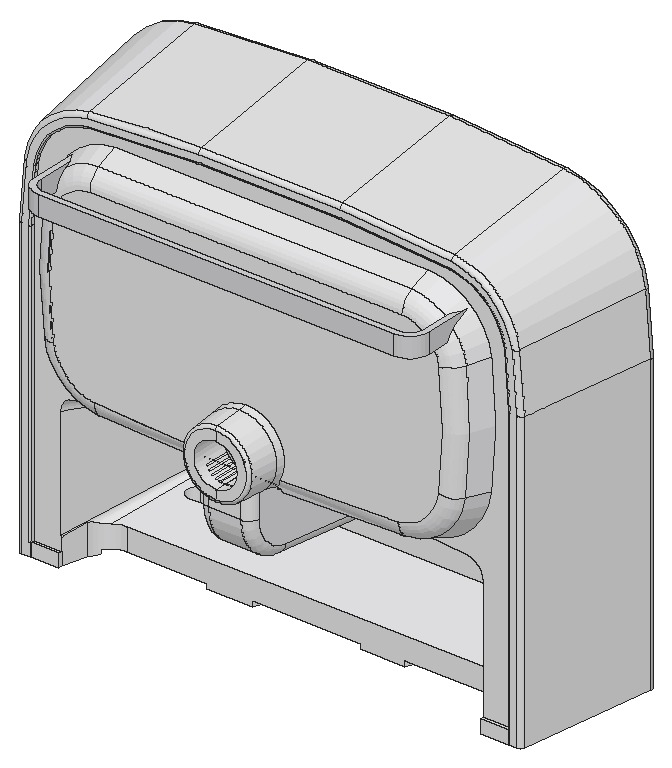
Revit family "Sink-Wall_Mount-Lavatory-KOHLER-MODERN_LIFE-K-77769K_1", category Plumbing Fixtures, host Face, Revit 2017
Family settings
  Host = Face
  Round Connector Dimension = Use Diameter
  Part Type = Normal
  OmniClass Number = 23.31.13.00
  OmniClass Title = Sinks
  Cut with Voids When Loaded = No
  Shared = No
  Room Calculation Point = No
Parameters (values of type "No Faucet Hole,0-White")
  _8 = or(Type = 3)  # no
  _1 = or(Type = 2)  # no
  _0 = or(Type = 1)  # yes
  Width = 21 87/128"  # constant formula
  WaterSense Certified = 1 = 0  # no
  Waste Water Outlet = "Waste Water Outlet"  # constant formula
  Waste Connection = 1 = 1  # yes
  Vent Connection = 1 = 0  # no
  URL = "https://www.kohlerasiapacific.com/"
  Type = 1
  Towel Bar Included = 1 = 1  # yes
  Product Page URL = "https://www.kohlerasiapacific.com/productDetails/77769K?skuid=77769K-0"
  Product Name = "MODERN_LIFE"  # constant formula
  Product Documentation Link = ""
  Model = if(Type = 1, "K-77769K-0", if(Type = 2, "K-77769K-1-0", if(Type = 3, "K-77769K-8-0", "NA")))  # "K-77769K-0"
  Material = "Vitreous China"  # constant formula
  Master Format 2014 Name = "Residential Lavatories and Sinks"  # constant formula
  Master Format 2014 = "22 41 16"  # constant formula
  Manufacturer Address = "No. 158 Jiang Chang San Road, Zhabei District, Shanghai, China"  # constant formula
  Manufacturer = "KOHLER Co."  # constant formula
  Length = 17 187/256"  # constant formula
  Hot Water Inlet = "Hot Water Inlet"  # constant formula
  Height = 8 99/256"  # constant formula
  HW Connection = 1 = 0  # no
  Finish = Kohler-Vitreous_China-0-White
  Environmental Product Declaration = ""
  Drain Included = 1 = 0  # no
  Description = if(Type = 1, "Wall-hung Lavatory with Towel Bar", if(Type = 2, "Wall-hung Lavatory with Towel Bar with single faucet hole", "Wall-hung Lavatory with Towel Bar 8” widespread faucet holes"))  # "Wall-hung Lavatory with Towel Bar"
  Default Elevation = 36"
  Declare Label = ""
  Date Modified = "07/22/2021"  # constant formula
  Date Created = "07/22/2021"  # constant formula
  Copyright = "Copyright KOHLER Co."  # constant formula
  Contact Us = "https://www.kohlerasiapacific.com/contact-us"
  Cold Water Inlet = "Cold Water Inlet"  # constant formula
  CW Connection = 1 = 0  # no
  Assembly Code = "D2010400"
  ADA Compliant = 1 = 0  # no
Reference planes (in)
  plane 1 "Center (Front/Back)": y = 0
  plane 2: z = 0
  plane 3 "Center (Left/Right)": x = 0
  plane 4: y = 8.38672
  plane 5: y = 2.67672
  plane 6: x = 10.84
  plane 7: x = 10
  plane 8: x = 4
  plane 9: x = -4
  plane 10: x = -10
  plane 11: x = -10.83969
  plane 12: z = 17.73047
  plane 13: z = 2.5
  plane 14: z = 7.80263
  plane 15: z = 11.79
  plane 16: y = 1.48213
  plane 17: z = 17.15592
  plane 18: z = 4.67679
Dimensions and locks (in)
  "Width": plane 11 to plane 6
  "Height": plane 1 "Center (Front/Back)" to plane 4
  plane 4 to plane 5 = 5.71"
  plane 10 to plane 7 = 20"
  plane 9 to plane 8 = 8"
  level to plane 13 = 2 1/2"
  "Length": level to plane 12
  plane 12 to level = 17 187/256"
  aligned and locked: plane 2 to host face
  aligned and locked: level to host face
Automatic sketch dimensions
  host sketch curve to host sketch curve = 96"  (x2)
Nested families (in)
  nested 1: "K-77769K" at (0, 0, 0), type "K-77769K"
Connectors (in)
  piping at (0, 1.46526, 7.80263), diameter 1.5, driven by "Waste Connection", driven by "Waste Water Outlet"
    settings: on nested 1, index 1, connector inside diameter 24", connector length 0", flow factor 0, pipe flow 0 GPM, pressure drop 0.00 psi, fitting loss kfactor 0, connector angle 0.00°, fixture units 0, engagement length 0", angle of deflection 0.00°, flow configuration 0, flow direction 2, fitting loss method 0, system type 16, joint type 0, gender type 0, connector reference index -1, connector utility 1, adjustable connector no, is connector primary yes, connector description "Waste Water Outlet"
Definition of nested family "K-77769K"
  Parameters (values of type "K-77769K")
    Single Faucet hole = no
    No Faucet hole = no
    Material = none
    Faucet Hole Spacing = 8"
    B = if(or(Single Faucet hole, No Faucet hole), 7.8", 2 1/2")  # 2 1/2"
    A = if(No Faucet hole, 7.8", 2 1/2")  # 2 1/2"
    8" faucet hole = yes
  Reference planes (in)
    plane 1 "Center (Front/Back)": y = 0
    plane 2: z = 0
    plane 3 "Center (Left/Right)": x = 0
    plane 4: y = 8.38781
    plane 5: y = 2.67781
    plane 6: x = -10
    plane 7: x = 10
    plane 8: x = -10.84
    plane 9: x = 10.84
    plane 10: z = 17.73
    plane 11: z = 11.79
    plane 12: z = 2.5
    plane 13: x = -4
    plane 14: x = 4
    plane 15: z = 2.5
    plane 16: z = 2.5
    plane 17: z = 7.80263
    plane 18: y = 1.48213
  Forms (in)
    Sweep 1, solid, material <- "Material", detail levels medium+fine
      path origin (0, 0, 0) x (1, 0, 0) y (0, 0, 1)
        loop
          line (10.84, 0) -> (10.84, 11.8447)
          arc (10.84, 11.8447) -> (10.79299, 13.06168) -> (10.65223, 14.27139) r 15.77521
          arc (10.65223, 14.27139) -> (9.54456, 16.39907) -> (7.37398, 17.42013) r 3.75
          arc (7.37398, 17.42013) -> (5.10822, 17.62238) -> (2.83517, 17.71061) r 45.28984
          arc (2.83517, 17.71061) -> (0, 17.73) -> (-2.83517, 17.71061) r 207.26772
          arc (-2.83517, 17.71061) -> (-5.10822, 17.62238) -> (-7.37398, 17.42013) r 45.28984
          arc (-7.37398, 17.42013) -> (-9.54456, 16.39907) -> (-10.65223, 14.27139) r 3.75
          arc (-10.65223, 14.27139) -> (-10.79299, 13.06168) -> (-10.84, 11.8447) r 15.77521
          line (-10.84, 11.8447) -> (-10.84, 0)
      profile origin (0, 0, 17.73) x (0, 0, -1) y (0, -1, 0)
        loop
          line (1.3045, -8.38781) -> (1.3045, -2.67781) -> (0.9743, -2.67781)
          arc (0.9743, -2.67781) -> (0.85354, -2.71931) -> (0.7838, -2.82627) r 0.19645
          arc (0.7838, -2.82627) -> (0.25777, -5.46809) -> (-0.00053, -8.14936) r 26.81146
          arc (-0.00053, -8.14936) -> (0.06237, -8.3173) -> (0.22725, -8.38781) r 0.22802
          line (0.22725, -8.38781) -> (1.3045, -8.38781)
    Sweep 2, solid, material <- "Material", detail levels medium+fine
      path origin (0, 0, 0) x (1, 0, 0) y (0, 0, 1)
        loop
          arc (6.30461, 16.89221) -> (0, 17.01742) -> (-6.30461, 16.89221) r 158.79282
          arc (-6.30461, 16.89221) -> (-8.67936, 15.91893) -> (-9.87207, 13.64646) r 3.75
          arc (-9.87207, 13.64646) -> (-10.04126, 11.07146) -> (-9.85737, 8.49748) r 18.86015
          arc (-9.85737, 8.49748) -> (-8.64076, 6.14475) -> (-6.22083, 5.06798) r 4
          arc (-6.22083, 5.06798) -> (0, 4.81529) -> (6.22083, 5.06798) r 76.69718
          arc (6.22083, 5.06798) -> (8.64076, 6.14475) -> (9.85737, 8.49748) r 4
          arc (9.85737, 8.49748) -> (10.04126, 11.07146) -> (9.87207, 13.64646) r 18.86015
          arc (9.87207, 13.64646) -> (8.67936, 15.91893) -> (6.30461, 16.89221) r 3.75
      profile origin (0, 0, 17.01742) x (0, 0, -1) y (0, -1, 0)
        loop
          arc (0.02976, -8.13302) -> (0.4757, -6.33792) -> (0.97693, -4.55746) r 59.8064
          arc (0.97693, -4.55746) -> (1.391, -3.22616) -> (1.83599, -1.90488) r 59.8064
          arc (1.83599, -1.90488) -> (1.93418, -1.77438) -> (2.08978, -1.72479) r 0.26887
          line (2.08978, -1.72479) -> (2.49711, -1.72479) -> (2.49711, -1.51831) -> (2.19233, -1.51831)
          arc (2.19233, -1.51831) -> (1.765, -1.64455) -> (1.47487, -1.98273) r 0.78641
          arc (1.47487, -1.98273) -> (0.91255, -3.33799) -> (0.42851, -4.72314) r 25.69521
          arc (0.42851, -4.72314) -> (0.21877, -5.46837) -> (0.05905, -6.22589) r 11.63426
          line (0.05905, -6.22589) -> (-0.32211, -8.38781) -> (-0.29094, -8.38781)
          arc (-0.29094, -8.38781) -> (-0.08614, -8.31636) -> (0.02976, -8.13302) r 0.32921
    Blend 3, void
      base sketch origin (0, 0, 0) x (1, 0, 0) y (0, 0, 1)
        loop
          arc (-7.0787, 1.92983) -> (-7.01392, 1.77344) -> (-6.85753, 1.70866) r 0.22117
          line (-6.85753, 1.70866) -> (6.82857, 1.70866)
          arc (6.82857, 1.70866) -> (7.00535, 1.78189) -> (7.07857, 1.95866) r 0.25
          line (7.07857, 1.95866) -> (7.07857, 4.52546)
          arc (7.07857, 4.52546) -> (6.96155, 4.79034) -> (6.68693, 4.8822) r 0.35829
          arc (6.68693, 4.8822) -> (-0.01019, 4.57083) -> (-6.70711, 4.88633) r 71.70281
          arc (-6.70711, 4.88633) -> (-6.96765, 4.79932) -> (-7.0787, 4.54807) r 0.33975
          line (-7.0787, 4.54807) -> (-7.0787, 1.92983)
      top sketch origin (0, 0, 0) x (1, 0, 0) y (0, 0, 1)
        loop
          line (8.72892, 1.31689) -> (8.72892, 5.501)
          arc (8.72892, 5.501) -> (8.50363, 6.09031) -> (7.94266, 6.37903) r 0.88338
          arc (7.94266, 6.37903) -> (-0.12317, 6.82458) -> (-8.18919, 6.38231) r 73.50065
          arc (-8.18919, 6.38231) -> (-8.57455, 6.18412) -> (-8.72933, 5.77937) r 0.60658
          line (-8.72933, 5.77937) -> (-8.72933, 0.94602)
          arc (-8.72933, 0.94602) -> (-8.61828, 0.67793) -> (-8.3502, 0.56689) r 0.37913
          line (-8.3502, 0.56689) -> (7.97892, 0.56689)
          arc (7.97892, 0.56689) -> (8.50926, 0.78656) -> (8.72892, 1.31689) r 0.75
      from -7.83617 to -1.70439
    Extrusion 4, solid, material <- "Material", detail levels medium+fine
      sketch origin (0, 0, 0) x (1, 0, 0) y (0, 0, 1)
        loop
          line (-9.5355, 0) -> (9.5355, 0) -> (9.5355, 11.8447)
          arc (9.5355, 11.8447) -> (9.49238, 12.96104) -> (9.36327, 14.07072) r 14.47071
          arc (9.36327, 14.07072) -> (8.64091, 15.45826) -> (7.2254, 16.12412) r 2.4455
          arc (7.2254, 16.12412) -> (5.02491, 16.32055) -> (2.81732, 16.40624) r 43.98534
          arc (2.81732, 16.40624) -> (0, 16.4255) -> (-2.81732, 16.40624) r 205.96322
          arc (-2.81732, 16.40624) -> (-5.02491, 16.32055) -> (-7.2254, 16.12412) r 43.98534
          arc (-7.2254, 16.12412) -> (-8.64091, 15.45826) -> (-9.36327, 14.07072) r 2.4455
          arc (-9.36327, 14.07072) -> (-9.49238, 12.96104) -> (-9.5355, 11.8447) r 14.47071
          line (-9.5355, 11.8447) -> (-9.5355, 0)
      from -8.38781 to -2.82582
    Extrusion 5, void
      sketch origin (0, 0, 0) x (1, 0, 0) y (0, 0, 1)
        loop
          arc (-7.44825, 14.06619) -> (-7.5302, 14.01591) -> (-7.57244, 13.92953) r 0.17227
          arc (-7.57244, 13.92953) -> (-7.81191, 11.40098) -> (-7.65767, 8.8658) r 16.38303
          arc (-7.65767, 8.8658) -> (-7.1969, 7.97049) -> (-6.27815, 7.55841) r 1.52289
          arc (-6.27815, 7.55841) -> (0, 7.2924) -> (6.27815, 7.55841) r 74.22007
          arc (6.27815, 7.55841) -> (7.1969, 7.97049) -> (7.65767, 8.8658) r 1.52289
          arc (7.65767, 8.8658) -> (7.81191, 11.40098) -> (7.57244, 13.92953) r 16.38303
          arc (7.57244, 13.92953) -> (7.5302, 14.01591) -> (7.44825, 14.06619) r 0.17227
          arc (7.44825, 14.06619) -> (6.12422, 14.34597) -> (4.77641, 14.46731) r 11.43091
          arc (4.77641, 14.46731) -> (0, 14.5403) -> (-4.77641, 14.46731) r 156.31571
          arc (-4.77641, 14.46731) -> (-6.12422, 14.34597) -> (-7.44825, 14.06619) r 11.43091
      from -11.3278 to 0.58701
    Extrusion 6, void
      sketch origin (0, 0, 0) x (1, 0, 0) y (0, 1, 0)
        loop
          arc (-7.19503, 4.52965) -> (-7.80335, 4.32336) -> (-8.16069, 3.78958) r 1
          line (-8.16069, 3.78958) -> (-8.75086, 1.59719) -> (8.74606, 1.59719) -> (8.15611, 3.78912)
          arc (8.15611, 3.78912) -> (7.7988, 4.32291) -> (7.1905, 4.52923) r 1
          line (7.1905, 4.52923) -> (-7.19503, 4.52965)
      from -1.80462 to 2.31581
    Extrusion 7, void
      sketch origin (0, 0, 0) x (1, 0, 0) y (0, 1, 0)
        loop
          line (-7.11066, 7.31158) -> (-8.205, 4.20123) -> (-3.84836, 4.20123) -> (-5.03459, 7.31723)
          arc (-5.03459, 7.31723) -> (-5.09572, 7.3951) -> (-5.19025, 7.42453) r 0.16655
          line (-5.19025, 7.42453) -> (-6.95112, 7.42458)
          arc (-6.95112, 7.42458) -> (-7.04887, 7.39347) -> (-7.11066, 7.31158) r 0.16913
        loop
          arc (1.09169, 7.33678) -> (1.01298, 7.43704) -> (0.89127, 7.47492) r 0.21447
          line (0.89127, 7.47492) -> (-0.88851, 7.47498)
          arc (-0.88851, 7.47498) -> (-1.01261, 7.43636) -> (-1.09287, 7.33414) r 0.21867
          line (-1.09287, 7.33414) -> (-2.28611, 4.20123) -> (2.28573, 4.20123) -> (1.09169, 7.33678)
        loop
          line (4.99416, 7.35326) -> (3.794, 4.20123) -> (8.25811, 4.20123) -> (7.15704, 7.3313)
          arc (7.15704, 7.3313) -> (7.07861, 7.43525) -> (6.95452, 7.47475) r 0.21469
          line (6.95452, 7.47475) -> (5.17049, 7.4748)
          arc (5.17049, 7.4748) -> (5.06341, 7.44147) -> (4.99416, 7.35326) r 0.18867
      from 0.19684 to -0.38206
    Extrusion 8, void
      sketch origin (0, 0, 0) x (1, 0, 0) y (0, 1, 0)
        loop
          line (6.40093, 7.20166) -> (5.80599, 7.20168)
          arc (5.80599, 7.20168) -> (5.50548, 6.90119) -> (5.80597, 6.60068) r 0.3005
          line (5.80597, 6.60068) -> (6.40091, 6.60066)
          arc (6.40091, 6.60066) -> (6.70142, 6.90115) -> (6.40093, 7.20166) r 0.3005
        loop
          line (-5.81134, 7.20202) -> (-6.39315, 7.20203)
          arc (-6.39315, 7.20203) -> (-6.69366, 6.90154) -> (-6.39316, 6.60103) r 0.3005
          line (-6.39316, 6.60103) -> (-5.81136, 6.60102)
          arc (-5.81136, 6.60102) -> (-5.51085, 6.90151) -> (-5.81134, 7.20202) r 0.3005
      from 1.91771 to -1.24246
    Sweep 9, void
      path origin (0, 0, 0) x (1, 0, 0) y (0, 0, 1)
        loop
          line (9.5355, 0.52773) -> (9.5355, 11.8447)
          arc (9.5355, 11.8447) -> (9.49238, 12.96104) -> (9.36327, 14.07072) r 14.47071
          arc (9.36327, 14.07072) -> (8.64091, 15.45826) -> (7.2254, 16.12412) r 2.4455
          arc (7.2254, 16.12412) -> (5.02491, 16.32055) -> (2.81732, 16.40624) r 43.98534
          arc (2.81732, 16.40624) -> (0, 16.4255) -> (-2.81732, 16.40624) r 205.96322
          arc (-2.81732, 16.40624) -> (-5.02491, 16.32055) -> (-7.2254, 16.12412) r 43.98534
          arc (-7.2254, 16.12412) -> (-8.64091, 15.45826) -> (-9.36327, 14.07072) r 2.4455
          arc (-9.36327, 14.07072) -> (-9.49238, 12.96104) -> (-9.5355, 11.8447) r 14.47071
          line (-9.5355, 11.8447) -> (-9.5355, 0.52773)
      profile origin (9.5355, 0, 6.18622) x (0, -1, 0) y (1, 0, 0)
        loop
          line (-2.82582, 0) -> (-2.82582, -0.09682) -> (-2.6323, -0.09682) -> (-2.6323, 0.12743) -> (-2.67781, 0.12743) -> (-2.67781, 0.0499)
          arc (-2.67781, 0.0499) -> (-2.69243, 0.01462) -> (-2.72772, 0) r 0.0499
          line (-2.72772, 0) -> (-2.82582, 0)
    Revolve 10, solid, material <- "Material", detail levels medium+fine
      sketch origin (0, 0, 0) x (0, 1, 0) y (0, 0, 1)
        loop
          arc (0, 6.56956) -> (0.03214, 6.48691) -> (0.11168, 6.44769) r 0.12234
          line (0.11168, 6.44769) -> (1.20317, 6.35219)
          arc (1.20317, 6.35219) -> (1.46624, 6.31402) -> (1.72329, 6.24626) r 2.34016
          line (1.72329, 6.24626) -> (1.72329, 7.80263) -> (0, 7.80263) -> (0, 6.56956)
        axis (1.72329, 7.80263) -> (0, 7.80263)
      angle from 0 to 360
    Extrusion 11, solid, material <- "Material", detail levels medium+fine
      sketch origin (0, 0, 0) x (1, 0, 0) y (0, 0, 1)
        loop
          line (9.5355, 0.52773) -> (8.41538, 0.52773) -> (8.41538, 0) -> (9.5355, 0) -> (9.5355, 0.52773)
        loop
          line (-9.5355, 0.52773) -> (-9.5355, 0) -> (-8.42012, 0) -> (-8.42012, 0.52773) -> (-9.5355, 0.52773)
      from -2.67781 to -2.82582
    Sweep 12, solid, material <- "Material", detail levels medium+fine
      path origin (0, 0, 0) x (0, 1, 0) y (0, 0, 1)
        loop
          line (0.43635, 7.3928) -> (0.43635, 5.8928)
          arc (0.43635, 5.8928) -> (0.91461, 4.63045) -> (2.10926, 4.00191) r 1.90508
          line (2.10926, 4.00191) -> (7.67159, 3.31895)
      profile origin (0, 0.43635, 6.6428) x (0, -1, 0) y (1, 0, 0)
        loop
          arc (-0.42113, -1.05695) -> (-0.12335, -0.9336) -> (0, -0.63582) r 0.42113
          line (0, -0.63582) -> (0, 0.63663)
          arc (0, 0.63663) -> (-0.12311, 0.93384) -> (-0.42032, 1.05695) r 0.42032
          line (-0.42032, 1.05695) -> (-1.28695, 1.05695) -> (-1.28695, -1.05695) -> (-0.42113, -1.05695)
    Revolve 13, void
      sketch origin (0, 0, 0) x (0, 1, 0) y (0, 0, 1)
        loop
          line (2.60577, 8.6645) -> (-0.27671, 8.6645) -> (-0.27671, 7.80263) -> (2.60577, 7.80263) -> (2.60577, 8.6645)
        axis (2.60577, 7.80263) -> (-0.27671, 7.80263)
      angle from 0 to 360
    Revolve 14, solid, detail levels medium+fine
      sketch origin (0, 0, 0) x (0, 1, 0) y (0, 0, 1)
        loop
          arc (2.03426, 8.91592) -> (1.98933, 8.93671) -> (1.96885, 8.89164) r 0.03489
          arc (1.96885, 8.89164) -> (1.99568, 8.81834) -> (2.02083, 8.74444) r 3.40462
          arc (2.02083, 8.74444) -> (1.99037, 8.5499) -> (1.81498, 8.4604) r 0.21661
          line (1.81498, 8.4604) -> (1.73706, 8.4604) -> (1.73706, 8.66153) -> (1.67786, 8.66153) -> (1.67786, 8.5854) -> (1.51251, 8.5854) -> (1.51251, 8.66153) -> (1.46526, 8.66153) -> (1.46526, 8.41283) -> (2.10674, 8.41283)
          arc (2.10674, 8.41283) -> (2.1293, 8.40459) -> (2.14123, 8.38374) r 0.03499
          arc (2.14123, 8.38374) -> (2.16556, 8.21668) -> (2.18158, 8.04861) r 3.40462
          arc (2.18158, 8.04861) -> (2.17186, 8.02112) -> (2.14512, 8.00949) r 0.03655
          line (2.14512, 8.00949) -> (1.46526, 8.00949) -> (1.46526, 7.95986) -> (2.13184, 7.95986) -> (2.19411, 7.80263) -> (2.25001, 7.80263)
          arc (2.25001, 7.80263) -> (2.18591, 8.36776) -> (2.03426, 8.91592) r 3.62741
        axis (1.46526, 7.80263) -> (2.25001, 7.80263)
      angle from 0 to 360
    Extrusion 15, solid
      sketch origin (0, 0, 0) x (1, 0, 0) y (0, 1, 0)
        loop
          arc (-7.08656, 0.25459) -> (-7.4754, 0.41561) -> (-7.63656, 0.8044) r 0.55
          line (-7.63656, 0.8044) -> (-7.63717, 2.65656) -> (-7.87396, 2.65648) -> (-7.87335, 0.8045)
          arc (-7.87335, 0.8045) -> (-7.643, 0.24891) -> (-7.08727, 0.01894) r 0.78582
          line (-7.08727, 0.01894) -> (7.08361, 0.0236)
          arc (7.08361, 0.0236) -> (7.64197, 0.25499) -> (7.87335, 0.81334) r 0.79
          line (7.87335, 0.81334) -> (7.87396, 2.66166) -> (7.63717, 2.66166) -> (7.63656, 0.8044)
          arc (7.63656, 0.8044) -> (7.4754, 0.41561) -> (7.08656, 0.25459) r 0.55
          line (7.08656, 0.25459) -> (-7.08656, 0.25459)
      from 14.19077 to 14.97818
    Revolve 16, solid, detail levels medium+fine
      sketch origin (0, 0, 0) x (0, 1, 0) y (0, 0, 1)
        loop
          arc (7.52533, 5.13005) -> (7.54006, 5.13413) -> (7.54759, 5.14743) r 0.01997
          line (7.54759, 5.14743) -> (7.56817, 5.31511)
          arc (7.56817, 5.31511) -> (7.56397, 5.3317) -> (7.54967, 5.34109) r 0.02362
          arc (7.54967, 5.34109) -> (7.21158, 5.40498) -> (6.87084, 5.45267) r 7.21381
          line (6.87084, 5.45267) -> (6.80043, 4.87923) -> (6.94048, 4.86203) -> (6.95442, 4.97561) -> (6.99878, 5.03895) -> (7.01762, 5.19239) -> (7.52533, 5.13005)
        axis (6.87084, 5.45267) -> (6.80043, 4.87923)
      angle from 0 to 360
    Sweep 17, solid, material <- "Material", detail levels medium+fine
      path origin (0, 0, 0) x (1, 0, 0) y (0, 0, 1)
        loop
          line (-0.67731, 3.70381) -> (-2.13049, 3.70381)
          arc (-2.13049, 3.70381) -> (-2.30457, 3.76205) -> (-2.40854, 3.91333) r 0.28925
          line (-2.40854, 3.91333) -> (-2.65553, 4.77468)
      profile origin (-1.4039, 0, 3.70381) x (0, 0, -1) y (0, -1, 0)
        loop
          arc (-0.04197, -6.81777) -> (-0.09987, -6.69218) -> (-0.22832, -6.64094) r 0.1866
          line (-0.22832, -6.64094) -> (-0.2872, -6.64094) -> (-0.2872, -7.83617) -> (0.27414, -7.83617)
          arc (0.27414, -7.83617) -> (0.08583, -7.77558) -> (-0.00106, -7.59786) r 0.25258
          line (-0.00106, -7.59786) -> (-0.04197, -6.81777)
    Extrusion 18, solid, material <- "Material", detail levels medium+fine
      sketch origin (0, 0, 0) x (1, 0, 0) y (0, 0, 1)
        loop
          line (-2.13203, 3.99101) -> (-0.67731, 3.99101) -> (-0.67731, 4.85385) -> (-2.37945, 4.85385) -> (-2.13203, 3.99101)
      from -7.83617 to -6.64096
    Extrusion 19, solid, material <- "Material", detail levels medium+fine
      sketch origin (0, 0, 0) x (0, 1, 0) y (0, 0, 1)
        loop
          line (7.83617, 4.59535) -> (7.83617, 4.79883) -> (1.72329, 6.55167) -> (1.72329, 5.8928)
          arc (1.72329, 5.8928) -> (1.87847, 5.48321) -> (2.2661, 5.27927) r 0.61814
          line (2.2661, 5.27927) -> (7.83617, 4.59535)
      from -1.05695 to 1.05695
    Sweep 20, void
      path origin (0, 0, 0) x (1, 0, 0) y (0, 0, 1)
        loop
          arc (6.30461, 16.89221) -> (0, 17.01742) -> (-6.30461, 16.89221) r 158.79282
          arc (-6.30461, 16.89221) -> (-8.67936, 15.91893) -> (-9.87207, 13.64646) r 3.75
          arc (-9.87207, 13.64646) -> (-10.04126, 11.07146) -> (-9.85737, 8.49748) r 18.86015
          arc (-9.85737, 8.49748) -> (-8.64076, 6.14475) -> (-6.22083, 5.06798) r 4
          arc (-6.22083, 5.06798) -> (0, 4.81529) -> (6.22083, 5.06798) r 76.69718
          arc (6.22083, 5.06798) -> (8.64076, 6.14475) -> (9.85737, 8.49748) r 4
          arc (9.85737, 8.49748) -> (10.04126, 11.07146) -> (9.87207, 13.64646) r 18.86015
          arc (9.87207, 13.64646) -> (8.67936, 15.91893) -> (6.30461, 16.89221) r 3.75
      profile origin (0, 0, 17.01742) x (0, 0, -1) y (0, -1, 0)
        loop
          arc (0.02976, -8.13302) -> (-0.08614, -8.31636) -> (-0.29094, -8.38781) r 0.32921
          line (-0.29094, -8.38781) -> (-0.32211, -8.38781) -> (-0.32211, -8.51657) -> (2.87817, -8.51657) -> (2.87817, -1.66166) -> (1.82551, -1.66166)
          arc (1.82551, -1.66166) -> (1.36165, -2.79194) -> (1.04107, -3.9709) r 9.86368
          arc (1.04107, -3.9709) -> (1.00164, -4.16065) -> (0.9617, -4.35029) r 71.28694
          arc (0.9617, -4.35029) -> (0.76717, -5.20953) -> (0.54919, -6.06313) r 32.18113
          arc (0.54919, -6.06313) -> (0.28024, -7.09576) -> (0.02976, -8.13302) r 59.8064
    Extrusion 21, solid, material <- "Material", detail levels medium+fine
      sketch origin (0, 0, 0) x (1, 0, 0) y (0, 0, 1)
        loop
          arc (6.20547, 14.39707) -> (0, 14.5203) -> (-6.20547, 14.39707) r 156.29571
          arc (-6.20547, 14.39707) -> (-6.99888, 14.07189) -> (-7.39737, 13.31265) r 1.25289
          arc (-7.39737, 13.31265) -> (-7.54416, 11.07859) -> (-7.38462, 8.8454) r 16.36303
          arc (-7.38462, 8.8454) -> (-6.92751, 7.96143) -> (-6.01829, 7.55687) r 1.50289
          arc (-6.01829, 7.55687) -> (0, 7.3124) -> (6.01829, 7.55687) r 74.20007
          arc (6.01829, 7.55687) -> (6.92751, 7.96143) -> (7.38462, 8.8454) r 1.50289
          arc (7.38462, 8.8454) -> (7.54416, 11.07859) -> (7.39737, 13.31265) r 16.36303
          arc (7.39737, 13.31265) -> (6.99888, 14.07189) -> (6.20547, 14.39707) r 1.25289
      from -1.72479 to -1.51831
    Extrusion 22, void
      sketch origin (0, 0, 0) x (1, 0, 0) y (0, 0, 1)
        loop
          circle (0, 2.5) r 0.69
      from -11.40272 to -5.31987
    Extrusion 23, void
      sketch origin (0, 0, 0) x (1, 0, 0) y (0, 0, 1)
        loop
          circle (-4, 2.5) r 0.69124
        loop
          circle (4, 2.5) r 0.69124
      from -11.06861 to -5.67535
    Extrusion 24, solid, material <- "Material", detail levels coarse
      sketch origin (0, 0, 0) x (1, 0, 0) y (0, 0, 1)
        loop
          line (10.84, 0) -> (10.84, 11.8447)
          arc (10.84, 11.8447) -> (10.79299, 13.06168) -> (10.65223, 14.27139) r 15.77521
          arc (10.65223, 14.27139) -> (9.54456, 16.39907) -> (7.37398, 17.42013) r 3.75
          arc (7.37398, 17.42013) -> (5.10822, 17.62238) -> (2.83517, 17.71061) r 45.28984
          arc (2.83517, 17.71061) -> (0, 17.73) -> (-2.83517, 17.71061) r 207.26772
          arc (-2.83517, 17.71061) -> (-5.10822, 17.62238) -> (-7.37398, 17.42013) r 45.28984
          arc (-7.37398, 17.42013) -> (-9.54456, 16.39907) -> (-10.65223, 14.27139) r 3.75
          arc (-10.65223, 14.27139) -> (-10.79299, 13.06168) -> (-10.84, 11.8447) r 15.77521
          line (-10.84, 11.8447) -> (-10.84, 0) -> (10.84, 0)
      from -8.38781 to -2.68523
    Blend 25, void
      base sketch origin (0, 0, 0) x (1, 0, 0) y (0, 0, 1)
        loop
          arc (6.23071, 15.03218) -> (0, 15.15592) -> (-6.23071, 15.03218) r 156.93132
          arc (-6.23071, 15.03218) -> (-7.42663, 14.54204) -> (-8.02728, 13.39762) r 1.8885
          arc (-8.02728, 13.39762) -> (-8.17977, 11.07678) -> (-8.01403, 8.75684) r 16.99865
          arc (-8.01403, 8.75684) -> (-7.3636, 7.49902) -> (-6.06984, 6.92335) r 2.1385
          arc (-6.06984, 6.92335) -> (0, 6.67679) -> (6.06984, 6.92335) r 74.83568
          arc (6.06984, 6.92335) -> (7.3636, 7.49902) -> (8.01403, 8.75684) r 2.1385
          arc (8.01403, 8.75684) -> (8.17977, 11.07678) -> (8.02728, 13.39762) r 16.99865
          arc (8.02728, 13.39762) -> (7.42663, 14.54204) -> (6.23071, 15.03218) r 1.8885
      top sketch origin (0, 0, 0) x (1, 0, 0) y (0, 0, 1)
        loop
          arc (6.31011, 17.0306) -> (0, 17.15592) -> (-6.31011, 17.0306) r 158.93132
          arc (-6.31011, 17.0306) -> (-8.77257, 16.02138) -> (-10.00933, 13.66497) r 3.8885
          arc (-10.00933, 13.66497) -> (-10.17976, 11.07107) -> (-9.99452, 8.47818) r 18.99865
          arc (-9.99452, 8.47818) -> (-8.73578, 6.04399) -> (-6.23206, 4.92994) r 4.1385
          arc (-6.23206, 4.92994) -> (0, 4.67679) -> (6.23206, 4.92994) r 76.83568
          arc (6.23206, 4.92994) -> (8.73578, 6.04399) -> (9.99452, 8.47818) r 4.1385
          arc (9.99452, 8.47818) -> (10.17976, 11.07107) -> (10.00933, 13.66497) r 18.99865
          arc (10.00933, 13.66497) -> (8.77257, 16.02138) -> (6.31011, 17.0306) r 3.8885
      from -2.75918 to -8.52626
    Revolve 26, solid, material <- "Material", detail levels coarse
      sketch origin (0, 0, 0) x (0, 1, 0) y (0, 0, 1)
        loop
          line (0, 7.80263) -> (2.68523, 7.80263) -> (2.68523, 9.35359) -> (0, 9.35359) -> (0, 7.80263)
        axis (2.68523, 7.80263) -> (0, 7.80263)
      angle from 0 to 360
  Cuts and joins
    Revolve 13 cuts Sweep 2
    Revolve 13 cuts Extrusion 21
    joined: Sweep 2, Extrusion 21
    Revolve 13 cuts Revolve 10
    joined: Sweep 17, Extrusion 18
    Revolve 13 cuts Sweep 12
    joined: Sweep 12, Extrusion 19
    Extrusion 6, Sweep 9, Sweep 20, Extrusion 22, Extrusion 23 cuts Sweep 1
    Blend 3, Extrusion 5, Extrusion 6, Extrusion 7, Extrusion 8, Sweep 20, Extrusion 22, Extrusion 23 cuts Extrusion 4
    joined: Sweep 1, Extrusion 4
    Sweep 20 cuts Extrusion 15
    Extrusion 22, Extrusion 23, Blend 25 cuts Extrusion 24
    joined: Extrusion 24, Revolve 26
  Lines and regions (in)
    Masking region 1
      outline origin (0, 0, 0) x (1, 0, 0) y (0, 1, 0)
        loop
          arc (-10.84029, 8.16375) -> (-10.61715, 5.4702) -> (-10.0562, 2.82627) r 21.39419
          arc (-10.0562, 2.82627) -> (-9.98646, 2.71931) -> (-9.8657, 2.67781) r 0.19645
          line (-9.8657, 2.67781) -> (-8.63768, 2.67781)
          arc (-8.63768, 2.67781) -> (-8.28346, 2.2917) -> (-7.87357, 1.96527) r 3.36448
          line (-7.87357, 1.96527) -> (-7.87357, 0.77089)
          arc (-7.87357, 0.77089) -> (-7.6539, 0.24056) -> (-7.12357, 0.02089) r 0.75
          line (-7.12357, 0.02089) -> (-1.30287, 0.02089)
          arc (-1.30287, 0.02089) -> (-1.26793, 0.00526) -> (-1.23002, 0) r 0.13583
          line (-1.23002, 0) -> (1.23002, 0)
          arc (1.23002, 0) -> (1.26793, 0.00526) -> (1.30287, 0.02089) r 0.13583
          line (1.30287, 0.02089) -> (7.12357, 0.02089)
          arc (7.12357, 0.02089) -> (7.6539, 0.24056) -> (7.87357, 0.77089) r 0.75
          line (7.87357, 0.77089) -> (7.87357, 1.96527)
          arc (7.87357, 1.96527) -> (8.28346, 2.2917) -> (8.63768, 2.67781) r 3.36448
          line (8.63768, 2.67781) -> (9.8657, 2.67781)
          arc (9.8657, 2.67781) -> (9.98646, 2.71931) -> (10.0562, 2.82627) r 0.19645
          arc (10.0562, 2.82627) -> (10.61715, 5.4702) -> (10.84029, 8.16375) r 21.39419
          arc (10.84029, 8.16375) -> (10.77746, 8.32192) -> (10.62054, 8.38781) r 0.21979
          line (10.62054, 8.38781) -> (-10.62054, 8.38781)
          arc (-10.62054, 8.38781) -> (-10.77746, 8.32192) -> (-10.84029, 8.16375) r 0.21979
        loop
          arc (-7.63656, 0.80459) -> (-7.4754, 0.41561) -> (-7.08638, 0.25459) r 0.55
          line (-7.08638, 0.25459) -> (-1.36658, 0.25647) -> (-1.44555, 1.15913)
          arc (-1.44555, 1.15913) -> (-1.53264, 1.3365) -> (-1.71644, 1.40908) r 0.27382
          arc (-1.71644, 1.40908) -> (-3.72353, 1.43175) -> (-5.73033, 1.47198) r 229.26487
          arc (-5.73033, 1.47198) -> (-6.69697, 1.57114) -> (-7.63656, 1.81891) r 6.25108
          line (-7.63656, 1.81891) -> (-7.63656, 0.80459)
        loop
          arc (7.15823, 0.25928) -> (7.49997, 0.44183) -> (7.63656, 0.8044) r 0.55
          line (7.63656, 0.8044) -> (7.63689, 1.81903)
          arc (7.63689, 1.81903) -> (6.69714, 1.57118) -> (5.73033, 1.47198) r 6.25108
          arc (5.73033, 1.47198) -> (3.72353, 1.43175) -> (1.71644, 1.40908) r 229.26487
          arc (1.71644, 1.40908) -> (1.53264, 1.3365) -> (1.44555, 1.15913) r 0.27382
          line (1.44555, 1.15913) -> (1.36666, 0.25737) -> (7.15823, 0.25928)
    Masking region 2
      outline origin (0, 0, 0) x (1, 0, 0) y (0, 0, 1)
        loop
          arc (3.155, 17.7046) -> (0.01229, 17.73) -> (-3.13044, 17.7064) r 201.58664
          arc (-3.13044, 17.7064) -> (-5.26645, 17.61896) -> (-7.39553, 17.42654) r 42.85588
          arc (-7.39553, 17.42654) -> (-9.57305, 16.39583) -> (-10.67413, 14.25304) r 3.75
          arc (-10.67413, 14.25304) -> (-10.79905, 13.1296) -> (-10.84077, 12) r 15.31432
          line (-10.84077, 12) -> (-10.84077, 0) -> (10.84077, 0) -> (10.84077, 12)
          arc (10.84077, 12) -> (10.79905, 13.1296) -> (10.67413, 14.25304) r 15.31432
          arc (10.67413, 14.25304) -> (9.57305, 16.39583) -> (7.39553, 17.42654) r 3.75
          arc (7.39553, 17.42654) -> (5.27872, 17.61816) -> (3.155, 17.7046) r 42.85588
    Masking region 3
      outline origin (0, 0, 0) x (0, 1, 0) y (0, 0, 1)
        loop
          arc (8.15295, 17.73055) -> (5.49195, 17.49889) -> (2.8684, 16.99732) r 26.18285
          arc (2.8684, 16.99732) -> (2.73115, 16.90883) -> (2.67781, 16.75448) r 0.25
          line (2.67781, 16.75448) -> (2.67781, 15.83473)
          arc (2.67781, 15.83473) -> (2.3206, 15.68602) -> (1.96529, 15.53282) r 30.72438
          arc (1.96529, 15.53282) -> (1.67515, 15.3101) -> (1.5215, 14.97818) r 0.76533
          line (1.5215, 14.97818) -> (0.01894, 14.97818) -> (0.01894, 14.19077) -> (1.48213, 14.19077) -> (1.48213, 9.28578) -> (0.11116, 9.15838)
          arc (0.11116, 9.15838) -> (0.03196, 9.11892) -> (0, 9.03641) r 0.1225
          line (0, 9.03641) -> (0, 6.57094)
          arc (0, 6.57094) -> (0.03997, 6.47721) -> (0.13528, 6.44118) r 0.12987
          arc (0.13528, 6.44118) -> (0.32896, 6.37537) -> (0.42789, 6.19632) r 0.28341
          arc (0.42789, 6.19632) -> (0.71854, 4.87566) -> (1.79057, 4.05141) r 1.97532
          arc (1.79057, 4.05141) -> (2.22977, 3.96266) -> (2.67781, 3.96894) r 2.10352
          line (2.67781, 3.96894) -> (2.67781, 0) -> (8.38781, 0) -> (8.38781, 17.50395)
          arc (8.38781, 17.50395) -> (8.3185, 17.66713) -> (8.15295, 17.73055) r 0.22674
    symbolic lines, detail levels medium+fine
      curve 1: line (-7.87357, 1.96527, 0) -> (-7.87357, 2.71527, 0)
      curve 2: line (-7.63656, 1.81891, 0) -> (-7.63656, 2.67781, 0)
      curve 3: line (-8.63768, 2.67781, 0) -> (8.63768, 2.67781, 0)
      curve 4: line (7.63689, 1.81903, 0) -> (7.63689, 2.67781, 0)
      curve 5: line (7.8737, 1.86844, 0) -> (7.8737, 2.67781, 0)
      curve 6: arc (-1.71644, 1.40908, 0) -> (0, 1.40314, 0) -> (1.71644, 1.40908, 0) r 248.21492
      curve 7: line (-1.36658, 0.25647, 0) -> (1.36666, 0.25737, 0)
      curve 8: line (-1.30287, 0.02089, 0) -> (1.30287, 0.02089, 0)
      curve 9: line (0, 2.67781, 15.83473) -> (0, 2.67781, 3.96894)
      curve 10: line (0, 1.5215, 14.97818) -> (0, 2.67781, 14.97818)
      curve 11: line (0, 1.48213, 14.19077) -> (0, 2.67781, 14.19077)
      curve 12: line (0, 1.48213, 9.28578) -> (0, 1.48213, 6.78578)
      curve 13: arc (0, 1.48213, 6.78578) -> (0, 1.81077, 5.74347) -> (0, 2.67781, 5.07817) r 1.8172
      curve 14: line (0, 1.48213, 6.78578) -> (0, 0.73213, 6.78578)
      curve 15: arc (0, 0.73213, 6.78578) -> (0, 0.38754, 6.69344) -> (0, 0.13528, 6.44118) r 0.68918
      curve 24: arc (6.23071, 0, 15.03218) -> (0, 0, 15.15592) -> (-6.23071, 0, 15.03218) r 156.93132
      curve 25: arc (8.02728, 0, 13.39762) -> (7.42663, 0, 14.54204) -> (6.23071, 0, 15.03218) r 1.8885
      curve 26: arc (7.9003, 0, 8.05522) -> (8.17504, 0, 10.7214) -> (8.02728, 0, 13.39762) r 16.99865
      curve 27: arc (-5.62947, 0, 6.01382) -> (0, 0, 5.80179) -> (5.62947, 0, 6.01382) r 74.83568
      curve 28: arc (-8.02728, 0, 13.39762) -> (-8.17504, 0, 10.7214) -> (-7.9003, 0, 8.05522) r 16.99865
      curve 29: arc (-6.23071, 0, 15.03218) -> (-7.42663, 0, 14.54204) -> (-8.02728, 0, 13.39762) r 1.8885
      curve 30: line (0.70984, 0, 5.23956) -> (0.70984, 0, 5.40183)
      curve 31: arc (0.40244, 0, 5.49547) -> (-0.13342, 0, 5.50587) -> (-0.66714, 0, 5.45703) r 4.84575
      curve 32: arc (0.67273, 0, 5.45002) -> (0.53863, 0, 5.47896) -> (0.40244, 0, 5.49547) r 1.49395
      curve 33: arc (0.70984, 0, 5.40183) -> (0.69949, 0, 5.43224) -> (0.67273, 0, 5.45002) r 0.04985
      curve 34: arc (0.62253, 0, 5.17602) -> (-0.00247, 0, 5.12864) -> (-0.62747, 0, 5.17602) r 4.14606
      curve 35: arc (0.68772, 0, 5.19995) -> (0.65633, 0, 5.18471) -> (0.62253, 0, 5.17602) r 0.17438
      curve 36: arc (0.68772, 0, 5.19995) -> (0.70394, 0, 5.21688) -> (0.70984, 0, 5.23956) r 0.04653
      curve 37: line (-0.70984, 0, 5.23956) -> (-0.70984, 0, 5.40756)
      curve 38: arc (-0.68772, 0, 5.19995) -> (-0.65633, 0, 5.18471) -> (-0.62253, 0, 5.17602) r 0.17438
      curve 39: arc (-0.68772, 0, 5.19995) -> (-0.70394, 0, 5.21688) -> (-0.70984, 0, 5.23956) r 0.04653
      curve 40: arc (-0.66714, 0, 5.45703) -> (-0.69769, 0, 5.44024) -> (-0.70984, 0, 5.40756) r 0.05
      curve 41: arc (0.45617, 0, 5.36111) -> (0.00515, 0, 5.3424) -> (-0.44603, 0, 5.35681) r 6.1541
      curve 42: arc (0.66763, 0, 5.39884) -> (0.56283, 0, 5.37477) -> (0.45617, 0, 5.36111) r 1.09286
      curve 43: arc (0.67273, 0, 5.45002) -> (0.68762, 0, 5.42269) -> (0.66763, 0, 5.39884) r 0.02763
      curve 44: arc (-0.66763, 0, 5.39884) -> (-0.5577, 0, 5.37386) -> (-0.44579, 0, 5.36035) r 1.09286
      curve 45: arc (-0.67273, 0, 5.45002) -> (-0.68762, 0, 5.42269) -> (-0.66763, 0, 5.39884) r 0.02763
      curve 50: arc (-7.9003, 0, 8.05522) -> (-7.11276, 0, 6.64755) -> (-5.62947, 0, 6.01382) r 2.5
      curve 51: arc (7.9003, 0, 8.05522) -> (7.11276, 0, 6.64755) -> (5.62947, 0, 6.01382) r 2.5
      curve 52: circle (0, 0, 7.80263) r 1.55637 normal (0, -1, 0)
      curve 53: circle (0, 0, 7.8) r 0.69 normal (0, -1, 0)
    symbolic lines
      curve 16: arc (6.31011, 0, 17.0306) -> (0, 0, 17.15592) -> (-6.31011, 0, 17.0306) r 158.93132
      curve 17: arc (10.00933, 0, 13.66497) -> (8.77257, 0, 16.02138) -> (6.31011, 0, 17.0306) r 3.8885
      curve 18: arc (-6.31011, 0, 17.0306) -> (-8.77257, 0, 16.02138) -> (-10.00933, 0, 13.66497) r 3.8885
      curve 19: arc (-10.00933, 0, 13.66497) -> (-10.17976, 0, 11.07107) -> (-9.99452, 0, 8.47818) r 18.99865
      curve 20: arc (-9.99452, 0, 8.47818) -> (-8.73578, 0, 6.04399) -> (-6.23206, 0, 4.92994) r 4.1385
      curve 21: arc (-6.23206, 0, 4.92994) -> (0, 0, 4.67679) -> (6.23206, 0, 4.92994) r 76.83568
      curve 22: arc (6.23206, 0, 4.92994) -> (8.73578, 0, 6.04399) -> (9.99452, 0, 8.47818) r 4.1385
      curve 23: arc (9.99452, 0, 8.47818) -> (10.17976, 0, 11.07107) -> (10.00933, 0, 13.66497) r 18.99865
      curve 54: circle (0, 0, 7.80263) r 1.25 normal (0, -1, 0)
    symbolic lines, visible <- "8" faucet hole"
      curve 46: circle (4, 0, 2.5) r 0.69124 normal (0, -1, 0)
      curve 47: circle (0, 0, 2.5) r 0.69 normal (0, -1, 0)
      curve 48: circle (-4, 0, 2.5) r 0.69124 normal (0, -1, 0)
    symbolic lines, visible <- "Single Faucet hole"
      curve 49: circle (0, 0, 2.5) r 0.69 normal (0, -1, 0)
  Dimensions and locks (in)
    plane 4 to plane 1 "Center (Front/Back)" = 8.38781"
    plane 4 to plane 5 = 5.71"
    plane 6 to plane 7 = 20"
    plane 3 "Center (Left/Right)" to plane 8 = 10.84"
    plane 9 to plane 8 = 21.68"
    level to plane 10 = 17.73"
    level to plane 12 = 2 1/2"
    equal spacing: plane 14, plane 3 "Center (Left/Right)", plane 13
    "Faucet Hole Spacing": plane 14 to plane 13
    "B": level to plane 15
    "A": level to Extrusion 22 sketch curve
    level to plane 17 = 7.80263"
    aligned and locked: level to plane 2
    aligned and locked: Extrusion 21 to cut or joined group of Sweep 2, Revolve 13, Extrusion 21
    aligned and locked: plane 15 to Extrusion 23 sketch curve  (x2)
    aligned and locked: plane 13 to Extrusion 23 sketch curve
    aligned and locked: plane 14 to Extrusion 23 sketch curve
    aligned and locked: plane 3 "Center (Left/Right)" to Extrusion 22 sketch curve
  Automatic sketch dimensions
    plane 8 to Sweep 1 sketch curve = 0"
    plane 3 "Center (Left/Right)" to Sweep 1 sketch curve = 0"
    Sweep 1 sketch curve to plane 9 = 0"
    Sweep 1 sketch curve to level = 0"  (x2)
    plane 13 to Sweep 1 sketch curve = 2.94687"
    plane 11 to Sweep 1 sketch curve = 7/128"  (x2)
    plane 13 to Sweep 1 sketch curve = 0.93521"
    Sweep 1 sketch curve to plane 13 = 1.78434"
    Sweep 1 sketch curve to plane 14 = 1.78434"
    plane 14 to Sweep 1 sketch curve = 0.93521"
    Sweep 1 sketch curve to Sweep 1 sketch curve = 2.01166"
    Sweep 1 sketch curve to level = 27.57499"
    Sweep 1 sketch curve to Sweep 1 sketch curve = 0"  (x7)
    Sweep 1 sketch curve to Sweep 1 sketch curve = 161.96272"
    plane 11 to Sweep 1 sketch curve = 1.90453"  (x2)
    Sweep 1 sketch curve to profile plane = 0.22725"
    Sweep 1 sketch curve to profile plane = 0.9743"
    Sweep 1 sketch curve to Sweep 1 sketch curve = 0.33019"
    Sweep 1 sketch curve to plane 1 "Center (Front/Back)" = 9.37644"
    Sweep 1 sketch curve to Sweep 1 sketch curve = 25.47834"
    Sweep 1 sketch curve to plane 1 "Center (Front/Back)" = 8.38781"
    Sweep 1 sketch curve to Sweep 1 sketch curve = 0.22802"
    Sweep 1 sketch curve to plane 1 "Center (Front/Back)" = 2.87427"
    Sweep 1 sketch curve to Sweep 1 sketch curve = 0.19645"
    Sweep 2 sketch curve to plane 3 "Center (Left/Right)" = 0"
    plane 3 "Center (Left/Right)" to Sweep 2 sketch curve = 0"
    plane 13 to Sweep 2 sketch curve = 1.89639"
    plane 13 to Sweep 2 sketch curve = 2.15573"
    Sweep 2 sketch curve to plane 11 = 0.6647"  (x2)
    plane 6 to Sweep 2 sketch curve = 1.18119"
    plane 14 to Sweep 2 sketch curve = 1.89639"
    plane 14 to Sweep 2 sketch curve = 2.15573"
    plane 7 to Sweep 2 sketch curve = 1.18119"
    Sweep 2 sketch curve to plane 11 = 2.73519"  (x2)
    Sweep 2 sketch curve to level = 141.7754"
    plane 11 to Sweep 2 sketch curve = 1.35517"  (x2)
    Sweep 2 sketch curve to plane 10 = 63.78247"
    plane 13 to Sweep 2 sketch curve = 2.22083"
    Sweep 2 sketch curve to Sweep 2 sketch curve = 0"  (x10)
    plane 10 to Sweep 2 sketch curve = 0.83779"
    plane 6 to Blend 3 sketch curve = 2.9213"
    Blend 3 sketch curve to Blend 3 sketch curve = 0.22117"
    Blend 3 sketch curve to Blend 3 sketch curve = 0.33975"
    plane 3 "Center (Left/Right)" to Blend 3 sketch curve = 0.01194"
    plane 14 to Blend 3 sketch curve = 2.72028"
    Blend 3 sketch curve to plane 12 = 0.54134"
    Blend 3 sketch curve to Blend 3 sketch curve = 0.10829"
    Blend 3 sketch curve to Blend 3 sketch curve = 1/4"
    plane 12 to Blend 3 sketch curve = 2.02546"
    plane 12 to Blend 3 sketch curve = 2.04807"
    Blend 3 sketch curve to plane 10 = 58.54364"
    Blend 3 sketch curve to Blend 3 sketch curve = 0"  (x4)
    plane 6 to Blend 3 sketch curve = 1.27067"  (x2)
    Blend 3 sketch curve to Blend 3 sketch curve = 0.37913"
    Blend 3 sketch curve to Blend 3 sketch curve = 0.60658"
    Blend 3 sketch curve to plane 3 "Center (Left/Right)" = 0.13811"
    plane 7 to Blend 3 sketch curve = 2.15446"
    plane 7 to Blend 3 sketch curve = 2.02108"
    Blend 3 sketch curve to Blend 3 sketch curve = 0.88338"
    Blend 3 sketch curve to level = 66.67607"
    level to Blend 3 sketch curve = 0.56689"
    plane 12 to Blend 3 sketch curve = 3.001"
    plane 12 to Blend 3 sketch curve = 3.27937"
    Extrusion 4 sketch curve to level = 0"
    plane 3 "Center (Left/Right)" to Extrusion 4 sketch curve = 0"
    Extrusion 4 sketch curve to plane 13 = 1.78434"
    plane 11 to Extrusion 4 sketch curve = 7/128"  (x2)
    plane 13 to Extrusion 4 sketch curve = 0.93521"
    Extrusion 4 sketch curve to Extrusion 4 sketch curve = 2.01166"  (x2)
    plane 6 to Extrusion 4 sketch curve = 0.4645"
    Extrusion 4 sketch curve to plane 14 = 1.78434"
    plane 14 to Extrusion 4 sketch curve = 0.93521"
    plane 7 to Extrusion 4 sketch curve = 0.4645"
    Extrusion 4 sketch curve to level = 27.57499"
    Extrusion 4 sketch curve to Extrusion 4 sketch curve = 0"  (x5)
    Extrusion 4 sketch curve to Extrusion 4 sketch curve = 161.96272"
    plane 11 to Extrusion 4 sketch curve = 1.90453"  (x2)
    Extrusion 4 sketch curve to plane 13 = 1.18268"
    plane 3 "Center (Left/Right)" to Extrusion 5 sketch curve = 0"
    Extrusion 5 sketch curve to plane 3 "Center (Left/Right)" = 0"
    plane 13 to Extrusion 5 sketch curve = 0.42713"
    plane 13 to Extrusion 5 sketch curve = 2.14933"
    plane 6 to Extrusion 5 sketch curve = 2.59728"
    Extrusion 5 sketch curve to plane 11 = 0.6647"  (x2)
    plane 6 to Extrusion 5 sketch curve = 1.43119"
    plane 14 to Extrusion 5 sketch curve = 0.42713"
    plane 14 to Extrusion 5 sketch curve = 2.14933"
    plane 7 to Extrusion 5 sketch curve = 2.59728"
    plane 7 to Extrusion 5 sketch curve = 1.43119"
    Extrusion 5 sketch curve to plane 11 = 2.71417"  (x2)
    plane 12 to Extrusion 5 sketch curve = 0.54174"  (x2)
    Extrusion 5 sketch curve to level = 141.7754"
    plane 11 to Extrusion 5 sketch curve = 2.11005"  (x2)
    Extrusion 5 sketch curve to plane 10 = 63.78247"
    plane 13 to Extrusion 5 sketch curve = 0.77641"
    Extrusion 5 sketch curve to Extrusion 5 sketch curve = 0"  (x8)
    Extrusion 5 sketch curve to Extrusion 5 sketch curve = 0.12882"
    plane 6 to Extrusion 6 sketch curve = 1.24914"
    plane 6 to Extrusion 6 sketch curve = 1.83931"
    Extrusion 6 sketch curve to Extrusion 6 sketch curve = 0.96562"
    Extrusion 6 sketch curve to Extrusion 6 sketch curve = 0.00003"  (x2)
    Extrusion 6 sketch curve to plane 5 = 0.85141"
    plane 7 to Extrusion 6 sketch curve = 2.80953"
    Extrusion 6 sketch curve to Extrusion 6 sketch curve = 0.96564"
    plane 7 to Extrusion 6 sketch curve = 1.25394"
    plane 5 to Extrusion 6 sketch curve = 1.08062"
    Extrusion 6 sketch curve to plane 5 = 0.85183"
    Extrusion 6 sketch curve to Extrusion 6 sketch curve = 0.2599"
    Extrusion 6 sketch curve to Extrusion 6 sketch curve = 0.25994"
    plane 6 to Extrusion 7 sketch curve = 1.795"
    plane 4 to Extrusion 7 sketch curve = 1.07623"
    plane 6 to Extrusion 7 sketch curve = 2.88934"
    Extrusion 7 sketch curve to Extrusion 7 sketch curve = 0.15954"
    Extrusion 7 sketch curve to Extrusion 7 sketch curve = 0"  (x7)
    plane 13 to Extrusion 7 sketch curve = 1.19025"
    Extrusion 7 sketch curve to Extrusion 7 sketch curve = 0.15566"
    Extrusion 7 sketch curve to plane 13 = 0.15164"
    Extrusion 7 sketch curve to Extrusion 7 sketch curve = 1.56225"
    Extrusion 7 sketch curve to plane 3 "Center (Left/Right)" = 1.09287"
    Extrusion 7 sketch curve to Extrusion 7 sketch curve = 0.20435"
    plane 3 "Center (Left/Right)" to Extrusion 7 sketch curve = 0.89126"
    Extrusion 7 sketch curve to Extrusion 7 sketch curve = 0.20043"
    Extrusion 7 sketch curve to plane 14 = 1.71427"
    Extrusion 7 sketch curve to plane 14 = 0.206"
    plane 14 to Extrusion 7 sketch curve = 0.99416"
    Extrusion 7 sketch curve to Extrusion 7 sketch curve = 0.17632"
    Extrusion 7 sketch curve to Extrusion 7 sketch curve = 1.78404"
    plane 4 to Extrusion 7 sketch curve = 1.05651"
    Extrusion 7 sketch curve to Extrusion 7 sketch curve = 0.20253"
    plane 7 to Extrusion 7 sketch curve = 1.74189"
    plane 4 to Extrusion 7 sketch curve = 1.10168"
    plane 4 to Extrusion 7 sketch curve = 1.12736"
    Extrusion 7 sketch curve to Extrusion 7 sketch curve = 0.07124"
    plane 4 to Extrusion 7 sketch curve = 1.12984"
    plane 4 to Extrusion 7 sketch curve = 1.13151"
    Extrusion 7 sketch curve to Extrusion 7 sketch curve = 0.05613"
    Extrusion 7 sketch curve to plane 5 = 1.52342"  (x2)
    Extrusion 7 sketch curve to Extrusion 7 sketch curve = 0.05926"
    Extrusion 7 sketch curve to Extrusion 7 sketch curve = 0.07783"
    Extrusion 7 sketch curve to Extrusion 7 sketch curve = 0.07632"
    Extrusion 7 sketch curve to Extrusion 7 sketch curve = 0.06714"
    plane 13 to Extrusion 8 sketch curve = 2.39316"
    Extrusion 8 sketch curve to Extrusion 8 sketch curve = 0"  (x10)
    Extrusion 8 sketch curve to Extrusion 8 sketch curve = 0.58181"
    plane 14 to Extrusion 8 sketch curve = 1.80597"
    Extrusion 8 sketch curve to Extrusion 8 sketch curve = 0.59494"
    plane 4 to Extrusion 8 sketch curve = 1.78715"
    plane 4 to Extrusion 8 sketch curve = 1.7868"
    Extrusion 8 sketch curve to Extrusion 8 sketch curve = 0.3005"  (x4)
    plane 3 "Center (Left/Right)" to Sweep 9 sketch curve = 0"
    Sweep 9 sketch curve to plane 13 = 1.78434"
    plane 11 to Sweep 9 sketch curve = 7/128"  (x2)
    plane 13 to Sweep 9 sketch curve = 0.93521"
    Sweep 9 sketch curve to Sweep 9 sketch curve = 2.01166"  (x2)
    plane 6 to Sweep 9 sketch curve = 0.4645"
    Sweep 9 sketch curve to plane 14 = 1.78434"
    plane 14 to Sweep 9 sketch curve = 0.93521"
    plane 7 to Sweep 9 sketch curve = 0.4645"
    Sweep 9 sketch curve to level = 27.57499"
    Sweep 9 sketch curve to Sweep 9 sketch curve = 0"  (x5)
    Sweep 9 sketch curve to Sweep 9 sketch curve = 161.96272"
    plane 11 to Sweep 9 sketch curve = 1.90453"  (x2)
    Sweep 9 sketch curve to plane 13 = 1.18268"
    level to Sweep 9 sketch curve = 0.52773"  (x2)
    Sweep 9 sketch curve to profile plane = 0"
    Sweep 9 sketch curve to plane 1 "Center (Front/Back)" = 2.82582"
    Sweep 9 sketch curve to profile plane = 0.0499"
    Sweep 9 sketch curve to Sweep 9 sketch curve = 0.0981"
    Sweep 9 sketch curve to Sweep 9 sketch curve = 0.04551"
    Sweep 9 sketch curve to Sweep 9 sketch curve = 0.09682"
    Sweep 9 sketch curve to Sweep 9 sketch curve = 0.07753"
    Revolve 10 sketch curve to plane 1 "Center (Front/Back)" = 0"  (x2)
    Revolve 10 sketch curve to plane 1 "Center (Front/Back)" = 0.11168"
    Revolve 10 sketch curve to Revolve 10 sketch curve = 0.12234"
    Revolve 10 sketch curve to plane 1 "Center (Front/Back)" = 0.99921"
    Revolve 10 sketch curve to Revolve 10 sketch curve = 1.09149"
    plane 5 to Revolve 10 sketch curve = 0.95452"
    plane 12 to Revolve 10 sketch curve = 1.52094"
    Revolve 10 sketch curve to Revolve 10 sketch curve = 2.22532"
    Revolve 10 sketch curve to Revolve 10 sketch curve = 0.09549"
    Revolve 10 sketch curve to Revolve 10 sketch curve = 1.45044"
    plane 1 "Center (Front/Back)" to Revolve 10 sketch curve = 0.66115"
    Revolve 10 sketch curve to Revolve 10 sketch curve = 0"
    Extrusion 11 sketch curve to level = 0"  (x2)
    plane 6 to Extrusion 11 sketch curve = 0.4645"
    Extrusion 11 sketch curve to Extrusion 11 sketch curve = 1.11538"
    plane 7 to Extrusion 11 sketch curve = 1.58462"
    plane 7 to Extrusion 11 sketch curve = 0.4645"
    Extrusion 11 sketch curve to Extrusion 11 sketch curve = 0.52773"  (x2)
    Sweep 12 sketch curve to plane 1 "Center (Front/Back)" = 0.43635"
    plane 5 to Sweep 12 sketch curve = 0.56855"
    plane 5 to Sweep 12 sketch curve = 0.33638"
    plane 12 to Sweep 12 sketch curve = 1.50191"
    plane 4 to Sweep 12 sketch curve = 0.71622"
    plane 12 to Sweep 12 sketch curve = 0.81895"
    Sweep 12 sketch curve to Sweep 12 sketch curve = 1 1/2"
    Sweep 12 sketch curve to profile plane = 0"
    profile plane to Sweep 12 sketch curve = 0.42032"
    profile plane to Sweep 12 sketch curve = 0.42113"
    Sweep 12 sketch curve to Sweep 12 sketch curve = 0.86662"
    Sweep 12 sketch curve to plane 3 "Center (Left/Right)" = 1.05695"
    plane 3 "Center (Left/Right)" to Sweep 12 sketch curve = 0.63663"
    plane 4 to Revolve 16 sketch curve = 2.34627"
    plane 4 to Revolve 16 sketch curve = 1.58739"
    Revolve 16 sketch curve to Revolve 16 sketch curve = 0.07041"
    Revolve 16 sketch curve to Revolve 16 sketch curve = 0.14005"
    Revolve 16 sketch curve to Revolve 16 sketch curve = 0.01395"
    Revolve 16 sketch curve to Revolve 16 sketch curve = 0.04435"
    Revolve 16 sketch curve to Revolve 16 sketch curve = 0.01884"
    Revolve 16 sketch curve to Revolve 16 sketch curve = 0.50772"
    Revolve 16 sketch curve to Revolve 16 sketch curve = 0.00243"
    Revolve 16 sketch curve to Revolve 16 sketch curve = 0.01696"
    Revolve 16 sketch curve to Revolve 16 sketch curve = 0.01982"
    Revolve 16 sketch curve to Revolve 16 sketch curve = 3/128"
    Revolve 16 sketch curve to level = 1.71331"
    plane 12 to Revolve 16 sketch curve = 2.36203"
    Revolve 16 sketch curve to Revolve 16 sketch curve = 0.0172"
    Revolve 16 sketch curve to Revolve 16 sketch curve = 0.06334"
    Revolve 16 sketch curve to Revolve 16 sketch curve = 0.0911"
    Revolve 16 sketch curve to Revolve 16 sketch curve = 0.01739"
    Revolve 16 sketch curve to Revolve 16 sketch curve = 0.16768"
    Revolve 16 sketch curve to Revolve 16 sketch curve = 0.00288"
    Revolve 16 sketch curve to Revolve 16 sketch curve = 0.0184"
    Revolve 16 sketch curve to Revolve 16 sketch curve = 0"  (x2)
    Revolve 16 sketch curve to Revolve 16 sketch curve = 0.14982"
    Sweep 17 sketch curve to plane 13 = 1.59146"
    Sweep 17 sketch curve to Sweep 17 sketch curve = 0.27805"
    plane 12 to Sweep 17 sketch curve = 1.20381"
    Sweep 17 sketch curve to Sweep 17 sketch curve = 0.20952"
    Sweep 17 sketch curve to Sweep 17 sketch curve = 0.24699"
    Sweep 17 sketch curve to plane 3 "Center (Left/Right)" = 0.67731"
    Sweep 17 sketch curve to Sweep 17 sketch curve = 0.86135"
    profile plane to Sweep 17 sketch curve = 0.2872"
    Sweep 17 sketch curve to Sweep 17 sketch curve = 0.05888"
    Sweep 17 sketch curve to Sweep 17 sketch curve = 0"  (x2)
    profile plane to Sweep 17 sketch curve = 0.04197"
    profile plane to Sweep 17 sketch curve = 0.00106"
    Sweep 17 sketch curve to profile plane = 0.25117"
    Sweep 17 sketch curve to Sweep 17 sketch curve = 0.02297"
    Sweep 17 sketch curve to plane 1 "Center (Front/Back)" = 7.83617"
    Sweep 17 sketch curve to Sweep 17 sketch curve = 0.23831"
    Sweep 17 sketch curve to Sweep 17 sketch curve = 0.77032"
    Sweep 17 sketch curve to Sweep 17 sketch curve = 0.00977"
    Extrusion 18 sketch curve to plane 13 = 1.62055"
    Extrusion 18 sketch curve to Extrusion 18 sketch curve = 0.24741"
    Extrusion 18 sketch curve to plane 3 "Center (Left/Right)" = 0.67731"
    plane 12 to Extrusion 18 sketch curve = 1.49101"
    Extrusion 18 sketch curve to Extrusion 18 sketch curve = 0.86284"
    plane 5 to Extrusion 19 sketch curve = 0.95452"
    plane 5 to Extrusion 19 sketch curve = 0.41171"
    plane 5 to Extrusion 19 sketch curve = 0.33638"
    plane 4 to Extrusion 19 sketch curve = 0.55164"
    plane 12 to Extrusion 19 sketch curve = 2.09535"
    Extrusion 19 sketch curve to Extrusion 19 sketch curve = 0.20348"
    plane 12 to Extrusion 19 sketch curve = 2.77927"
    Extrusion 19 sketch curve to Extrusion 19 sketch curve = 0.65887"
    plane 4 to Masking region 1 sketch curve = 0"
    plane 5 to Masking region 1 sketch curve = 0"  (x2)
    plane 1 "Center (Front/Back)" to Masking region 1 sketch curve = 0"
    Masking region 1 sketch curve to plane 8 = 0.21946"
    Masking region 1 sketch curve to Masking region 1 sketch curve = 0.07068"  (x2)
    plane 6 to Masking region 1 sketch curve = 0.1343"
    Masking region 1 sketch curve to Masking region 1 sketch curve = 1.22801"
    plane 5 to Masking region 1 sketch curve = 0.71254"
    Masking region 1 sketch curve to Masking region 1 sketch curve = 0.76411"  (x2)
    Masking region 1 sketch curve to Masking region 1 sketch curve = 0.23701"
    Masking region 1 sketch curve to plane 1 "Center (Front/Back)" = 0.02089"  (x2)
    Masking region 1 sketch curve to Masking region 1 sketch curve = 0.51299"
    Masking region 1 sketch curve to Masking region 1 sketch curve = 0.03701"  (x2)
    Masking region 1 sketch curve to plane 1 "Center (Front/Back)" = 0.25459"
    Masking region 1 sketch curve to Masking region 1 sketch curve = 0.0372"
    plane 13 to Masking region 1 sketch curve = 1.98889"
    plane 4 to Masking region 1 sketch curve = 0.66661"  (x2)
    plane 13 to Masking region 1 sketch curve = 1.57767"
    Masking region 1 sketch curve to plane 3 "Center (Left/Right)" = 1.71833"
    Masking region 1 sketch curve to Masking region 1 sketch curve = 0.27278"  (x2)
    Masking region 1 sketch curve to plane 1 "Center (Front/Back)" = 0.25647"
    Masking region 1 sketch curve to Masking region 1 sketch curve = 0.07897"
    Masking region 1 sketch curve to Masking region 1 sketch curve = 0.06371"
    Masking region 1 sketch curve to Masking region 1 sketch curve = 0.07238"
    Masking region 1 sketch curve to Masking region 1 sketch curve = 0.07285"  (x2)
    Masking region 1 sketch curve to plane 3 "Center (Left/Right)" = 0.13104"
    plane 3 "Center (Left/Right)" to Masking region 1 sketch curve = 0.13104"
    plane 3 "Center (Left/Right)" to Masking region 1 sketch curve = 1.23002"
    Masking region 1 sketch curve to Masking region 1 sketch curve = 0.00047"
    Masking region 1 sketch curve to plane 1 "Center (Front/Back)" = 0.25737"
    Masking region 1 sketch curve to Masking region 1 sketch curve = 0.13617"
    Masking region 1 sketch curve to Masking region 1 sketch curve = 0.07889"
    plane 14 to Masking region 1 sketch curve = 1.57767"
    plane 14 to Masking region 1 sketch curve = 1.98889"
    Masking region 1 sketch curve to plane 1 "Center (Front/Back)" = 0.80459"
    plane 7 to Masking region 1 sketch curve = 2.91344"
    Masking region 1 sketch curve to plane 1 "Center (Front/Back)" = 0.25928"
    Masking region 1 sketch curve to Masking region 1 sketch curve = 0.03466"
    Masking region 1 sketch curve to plane 1 "Center (Front/Back)" = 0.8044"
    plane 5 to Masking region 1 sketch curve = 0.85878"
    Masking region 1 sketch curve to Masking region 1 sketch curve = 0.00033"
    Masking region 1 sketch curve to Masking region 1 sketch curve = 0.23668"
    plane 7 to Masking region 1 sketch curve = 0.1343"
    Masking region 1 sketch curve to plane 9 = 0.29014"
    Masking region 1 sketch curve to Masking region 1 sketch curve = 0.87879"
